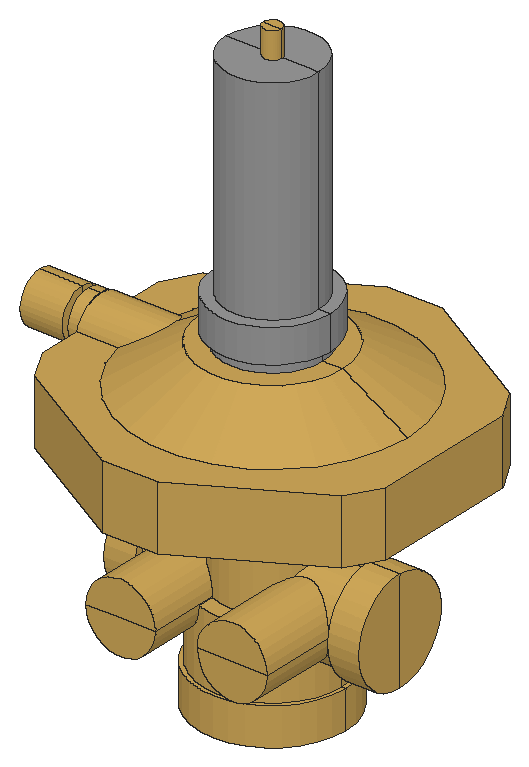
Revit family "Differenzdruckregler 4002 25-60kPa", category Rohrzubehör, Revit 2019
Family settings
  Bemaßung runder Anschluss = Durchmesser verwenden
  Teiletyp = Unterbricht
  OmniClass-Nummer = 23.65.55.14
  OmniClass-Titel = Valves for Liquid Services
  Arbeitsebenenbasiert = Nein
  Immer vertikal = Ja
  Beim Laden mit Abzugskörper schneiden = Nein
  Gemeinsam genutzt = Nein
Parameters (values of type "Ohne Dämmung")
  y2 [instance] = K14 + K9 + H01  # 45.649 mm
  y1 [instance] = (R03 * 2) + R05  # 66.000 mm
  PN = 16  # constant formula
  Min. Betriebstemperatur (Frostschutz) = -20 °C  # constant formula
  Max. zulässige Betriebstemperatur bis DN32 = 130 °C  # constant formula
  Max. zulässige Betriebstemperatur DN40 - DN50 = 110 °C  # constant formula
  Max. Differenzdruck am Gehäuse = 400000.0 Pa  # constant formula
  Max. Betriebsdruck = 1600000.0 Pa  # constant formula
  Ventilschaft = "Edelstahl 14301"  # constant formula
  VRL01 [instance] = 30.000 mm  # constant formula
  V12 = 17.000 mm  # constant formula
  V10 = 16.000 mm  # constant formula
  V09 [instance] = 11.000 mm  # constant formula
  V08 [instance] = G01 + 3.000 mm  # 16.220 mm
  V03 [instance] = G01 + 5.000 mm  # 18.220 mm
  V02 [instance] = V01 + 4.500 mm  # 12.000 mm
  V01 [instance] = Nennweite / 2  # 7.500 mm
  URL = "www.herz-armaturen.at"
  SCRNSEQ = "ARM;ARM_TYP=\"DIFR\";2"
  SCRNCODE = "05;03;4"  # constant formula
  S07 = 10.000 mm  # constant formula
  S05 [instance] = S01 - 1.000 mm  # 13.850 mm
  S04 [instance] = S02 - 1.000 mm  # 18.000 mm
  S03 [instance] = size_lookup("4002 25-60kPa", "S03", 26.500 mm, Nennweite)  # 25.600 mm
  S02 [instance] = size_lookup("4002 25-60kPa", "S02", 19.000 mm, Nennweite)  # 19.000 mm
  S01 [instance] = size_lookup("4002 25-60kPa", "S01", 14.850 mm, Nennweite)  # 14.850 mm
  Regleranschlussmutter = "Messing CW614N"  # constant formula
  Regelbereich = "25 - 60kPa"  # constant formula
  R06 [instance] = size_lookup("4002 25-60kPa", "R06", 14.500 mm, Nennweite)  # 14.500 mm
  R05 [instance] = size_lookup("4002 25-60kPa", "R05", 41.000 mm, Nennweite)  # 50.000 mm
  R04 [instance] = size_lookup("4002 25-60kPa", "R04", 12.500 mm, Nennweite)  # 12.500 mm
  R03 [instance] = size_lookup("4002 25-60kPa", "R03", 8.000 mm, Nennweite)  # 8.000 mm
  R02 = 14.500 mm  # constant formula
  R01 [instance] = size_lookup("4002 25-60kPa", "R01", 11.500 mm, Nennweite)  # 11.500 mm
  Min. Betriebstemperatur (reines Wasser) = 2 °C  # constant formula
  O-Ringe = "EPDM"  # constant formula
  Nennweite [instance] = 15.000 mm
  Membrangehäuse = "Messing CW602N"  # constant formula
  Membrane = "EPDM"  # constant formula
  Medium = "Wasserbeschaffenheit nach ÖNORM H 5195 und VDI 2035\r\nDie Verwendung von Ethylen- und Propylenglykol ist im\r\nMischungsverhältnis 25 - 50 Vol.-% zulässig."
  L07 [instance] = size_lookup("4002 25-60kPa", "L07", 28.500 mm, Nennweite)  # 33.000 mm
  L06 = 7.000 mm  # constant formula
  L [instance] = size_lookup("4002 25-60kPa", "L", 66.000 mm, Nennweite)  # 66.000 mm
  K9 = 4.000 mm  # constant formula
  K8 = 55.000 mm  # constant formula
  K7 = 8.700 mm  # constant formula
  K6 = 11.700 mm  # constant formula
  K5 = 13.000 mm  # constant formula
  K4 = 12.000 mm  # constant formula
  K3 = 15.000 mm  # constant formula
  K2 = 2.350 mm  # constant formula
  K18 = 89.000 mm  # constant formula
  K17 = 66.700 mm  # constant formula
  K16 = 3.000 mm  # constant formula
  K15 = 26.649 mm  # constant formula
  K14 = 16.649 mm  # constant formula
  K13 = 16.649 mm  # constant formula
  K12 = 10.000 mm  # constant formula
  K11 = 35.000 mm  # constant formula
  K10 = 18.250 mm  # constant formula
  K1.1 = 2.350 mm  # constant formula
  K1 = 7.651 mm - 1.000 mm  # 6.651 mm
  J9 = 15.700 mm  # constant formula
  J8 = 7.850 mm  # constant formula
  J7 = 15.897 mm  # constant formula
  J6 = 3.900 mm  # constant formula
  J5 = 6.500 mm  # constant formula
  J4 = 1.500 mm  # constant formula
  J3 = 3.200 mm  # constant formula
  J2 = 11.000 mm  # constant formula
  J11 = 3.500 mm  # constant formula
  J10 = 18.897 mm  # constant formula
  J1 = 6.500 mm  # constant formula
  Hersteller = "HERZ-Armaturen Ges.m.b.H"  # constant formula
  H2 [instance] = size_lookup("4002 25-60kPa", "H2", 28.000 mm, Nennweite)  # 28.000 mm
  H1 [instance] = K1 + K2 + K3 + K4 + K5 + K7 + K8 + K16 + 16.650 mm  # 132.351 mm
  H04 = 4.000 mm  # constant formula
  H03 = 9.800 mm  # constant formula
  H02 [instance] = size_lookup("4002 25-60kPa", "H02", 53.000 mm, Nennweite)  # 53.000 mm
  H01 [instance] = size_lookup("4002 25-60kPa", "H01", 25.000 mm, Nennweite)  # 25.000 mm
  Gehäuse = "DZR Messing CC770S"  # constant formula
  G01 [instance] = size_lookup("4002 25-60kPa", "G01", 13.220 mm, Nennweite)  # 13.220 mm
  Einstellspindel = "Messing CW614N"  # constant formula
  Hinweise zum Material = "Gemäß Art 33 der REACH-Verordnung (EG Nr. 1907/2006) sind wir verpflichtet, darauf hinzuweisen,\r\ndass der Stoff Blei auf der SVHC-Liste geführt wird und dass alle aus Messing bestehenden Bauteile,\r\ndie in unseren Erzeugnissen verarbeitet sind, mehr als 0,1 % (w/w) Blei (CAS: 7439-92-1 / EINECS:\r\n231-100-4) enthalten. Da Blei als Legierungsbestandteil fest gebunden ist, sind keine Expositionen zu\r\nerwarten und daher sind keine zusätzlichen Angaben zur sicheren Verwendung notwendig.\r\n\r\nIm Hanf enthaltenes Ammoniak schädigt\r\nMessingventilgehäuse, EPDM Dichtungen werden durch\r\nMineralöle bzw. mineralölhaltige Schmierstoffe aufgequollen\r\nund führen somit zum Ausfall der EPDM-Dichtungen. Für\r\nFrost- und Korrosionsschutzmittel auf der Basis von Ethylen- und Propylenglykol sind die entsprechenden\r\nAngaben den Unterlagen des Herstellers zu entnehmen."
  Dämmung = no
  Dämmschale = "EPP (expandiertes Polypropylen)"  # constant formula
  Druckfeder = "Federstahl 14310 NS"  # constant formula
  DN50 [instance] = Nennweite = 50.000 mm  # no
  DN40 [instance] = Nennweite = 40.000 mm  # no
  DN32-40 [instance] = or(Nennweite = 32.000 mm, Nennweite = 40.000 mm)  # no
  DN32 [instance] = Nennweite = 32.000 mm  # no
  DN25 [instance] = Nennweite = 25.000 mm  # no
  DN20 [instance] = Nennweite = 20.000 mm  # no
  DN15-25 [instance] = or(Nennweite = 15.000 mm, Nennweite = 20.000 mm, Nennweite = 25.000 mm)  # yes
  DN15,20,25,32,50 [instance] = or(Nennweite = 15.000 mm, Nennweite = 20.000 mm, Nennweite = 25.000 mm, Nennweite = 32.000 mm, Nennweite = 50.000 mm)  # yes
  DN15 [instance] = Nennweite = 15.000 mm  # yes
  D07 [instance] = if(Nennweite = 15.000 mm, 32.000 mm, if(Nennweite = 20.000 mm, 33.000 mm, if(Nennweite = 25.000 mm, 33.000 mm, if(Nennweite = 32.000 mm, 49.000 mm, if(Nennweite = 40.000 mm, 57.560 mm, if(Nennweite = 50.000 mm, 57.560 mm, 0.000 mm))))))  # 32.000 mm
  D06 [instance] = if(Nennweite = 15.000 mm, 32.000 mm, if(Nennweite = 20.000 mm, 33.000 mm, if(Nennweite = 25.000 mm, 33.000 mm, if(Nennweite = 32.000 mm, 49.000 mm, if(Nennweite = 40.000 mm, 57.560 mm, if(Nennweite = 50.000 mm, 57.560 mm, 0.000 mm))))))  # 32.000 mm
  D05 [instance] = if(Nennweite = 15.000 mm, 36.750 mm, if(Nennweite = 20.000 mm, 40.700 mm, if(Nennweite = 25.000 mm, 49.200 mm, if(Nennweite = 32.000 mm, 54.150 mm, if(Nennweite = 40.000 mm, 60.750 mm, if(Nennweite = 50.000 mm, 72.700 mm, 0.000 mm))))))  # 36.750 mm
  D04 [instance] = if(Nennweite = 15.000 mm, 78.500 mm, if(Nennweite = 20.000 mm, 82.000 mm, if(Nennweite = 25.000 mm, 84.000 mm, if(Nennweite = 32.000 mm, 120.000 mm, if(Nennweite = 40.000 mm, 130.000 mm, if(Nennweite = 50.000 mm, 130.500 mm, 0.000 mm))))))  # 78.500 mm
  D03 [instance] = if(Nennweite = 15.000 mm, 96.000 mm, if(Nennweite = 20.000 mm, 110.000 mm, if(Nennweite = 25.000 mm, 112.000 mm, if(Nennweite = 32.000 mm, 152.000 mm, if(Nennweite = 40.000 mm, 170.000 mm, if(Nennweite = 50.000 mm, 179.000 mm, 0.000 mm))))))  # 96.000 mm
  D02 [instance] = size_lookup("4002 25-60kPa", "R05", 41.000 mm, Nennweite)  # 50.000 mm
  D01 [instance] = size_lookup("4002 25-60kPa", "G01", 13.220 mm, Nennweite)  # 13.220 mm
  Bestellnummer Dämmung [instance] = if(and(Dämmung, Nennweite = 15.000 mm), 1409611, if(and(Dämmung, Nennweite = 20.000 mm), 1409612, if(and(Dämmung, Nennweite = 25.000 mm), 1409613, if(and(Dämmung, Nennweite = 32.000 mm), 1409614, if(and(Dämmung, Nennweite = 40.000 mm), 1409615, if(and(Dämmung, Nennweite = 50.000 mm), 1409616, 0))))))  # 0
  Bestellnummer [instance] = size_lookup("4002 25-60kPa", "Artnr", 0, Nennweite)  # 1400261
  B2 [instance] = size_lookup("4002 25-60kPa", "B2", 31.000 mm, Nennweite)  # 31.000 mm
  B1 [instance] = size_lookup("4002 25-60kPa", "B1", 26.000 mm, Nennweite)  # 26.000 mm
  B04 = 100.649 mm  # constant formula
  B03 = 44.500 mm  # constant formula
  B02 = 104.688 mm  # constant formula
  B01 = 10.000 mm  # constant formula
  Anzeigehülse = "Kunststoff (Rot)"  # constant formula
  Anwendungsgebiet = "Der Differenzdruckregler ist ein Regler mit linearer Kennlinie in Geradsitzausführung und arbeitet ohne\r\nHilfsenergie. Der gewünschte Differenzdruck-Sollwert kann zwischen 5 und 30 kPa; 25 und 60 kPa bzw.\r\n45 und 80 kPa stufenlos eingestellt werden. Der eingestellte Wert ist mit Hilfe des Einstelldiagrammes\r\nablesbar. Werksseitig ist der Sollwert auf Minimum eingestellt. Der erforderliche Sollwert wird mit dem\r\nEinstellwerkzeug (1 4006 02) eingestellt. Im Lieferumfang enthalten ist die Impulsleitung (1000 mm),\r\ndiese ist im Vorlauf einzubinden."
  Anschlussnippel = "Messing CW602N"  # constant formula
Types (2, lengths in mm): name | y2 | y1 | V08 | V03 | V02 | V01 | S03 | R05 | R04 | R03 | R01 | Nennweite | L07 | L | H2 | H02 | H01 | G01 | Dämmung | DN25 | DN15 | D07 | D06 | D05 | D04 | D03 | D02 | D01 | Bestellnummer Dämmung | Bestellnummer | B2 | B1
  Ohne Dämmung | 45.649 | 66.000 | 16.220 | 18.220 | 12.000 | 7.500 | 25.600 | 50.000 | 12.500 | 8.000 | 11.500 | 15.000 | 33.000 | 66.000 | 28.000 | 53.000 | 25.000 | 13.220 | no | no | yes | 32.000 | 32.000 | 36.750 | 78.500 | 96.000 | 50.000 | 13.220 | 0 | 1400261 | 31.000 | 26.000
  Mit Dämmung | 46.649 | 76.000 | 23.600 | 25.600 | 17.000 | 12.500 | 29.000 | 58.200 | 14.500 | 8.900 | 14.800 | 25.000 | 38.000 | 76.000 | 29.000 | 54.500 | 26.000 | 20.600 | yes | yes | no | 33.000 | 33.000 | 49.200 | 84.000 | 112.000 | 58.200 | 20.600 | 1409613 | 1400263 | 33.000 | 28.000
Reference planes
  plane 1 "Mitte (Vorne/hinten)": y = 0
  plane 2: z = 0
  plane 3 "Mitte (Links/rechts)": x = 0
Forms (mm)
  Revolve 1, solid, material "Messing, weicher Gelbton, geschweißt", detail levels fine
    sketch origin (0, 0, 0) x (1, 0, 0) y (0, 0, 1)
      loop
        line (-33, 0) -> (33, 0) -> (33, 13.22) -> (25, 13.22) -> (25, 11.5) -> (-25, 11.5) -> (-25, 13.22) -> (-33, 13.22) -> (-33, 0)
      axis (-33, 0) -> (33, 0)
    angle from 0 to 360
  Revolve 2, solid, material "Messing, weicher Gelbton, geschweißt", detail levels fine
    sketch origin (0, 0, 0) x (1, 0, 0) y (0, 0, 1)
      loop
        line (0, -28) -> (0, 0) -> (-18, 0) -> (-18, -18.2) -> (-19, -18.2) -> (-19, -28) -> (0, -28)
      axis (0, 0) -> (0, -28)
    angle from 0 to 360
  Extrusion 3, solid, material "Messing, weicher Gelbton, geschweißt", detail levels fine
    sketch origin (0, 0, 0) x (0, -1, 0) y (1, 0, 0)
      loop
        line (-46, -7.038) -> (-27.114, -39.75) -> (-18.886, -44.5) -> (18.886, -44.5) -> (27.114, -39.75) -> (46, -7.038) -> (46, 7.038) -> (27.114, 39.75) -> (18.886, 44.5) -> (-18.886, 44.5) -> (-27.114, 39.75) -> (-46, 7.038) -> (-46, -7.038)
    from 29 to 45.649
  Revolve 4, solid, material "Messing, weicher Gelbton, geschweißt", detail levels fine
    sketch origin (0, 0, -7.051) x (1, 0, 0) y (0, 0, 1)
      loop
        line (0, 52.7) -> (0, 62.7) -> (-18.25, 62.7) -> (-35, 52.7) -> (0, 52.7)
      axis (0, 62.7) -> (0, 52.7)
    angle from 0 to 360
  Revolve 5, solid, material "Messing, weicher Gelbton, geschweißt", visible <- "DN15-25", detail levels fine
    sketch origin (-11, 0, 0) x (1, 0, 0) y (0, 1, 0)
      loop
        line (-1.5, 26) -> (-9.2, 26) -> (-9.2, 0) -> (-1.5, 0) -> (-1.5, 26)
      axis (-1.5, 0) -> (-1.5, 26)
    angle from 0 to 360
  Revolve 6, solid, material "Messing, weicher Gelbton, geschweißt", visible <- "DN15,20,25,32,50", detail levels fine
    sketch origin (-0.988, 0, -6.853) x (-1, 0, 0) y (0, 0, 1)
      loop
        line (43.5, 51.75) -> (59.2, 51.75) -> (59.2, 58.25) -> (48.2, 58.25) -> (48.2, 55.65) -> (46.7, 55.65) -> (46.7, 58.25) -> (43.5, 58.25) -> (43.5, 51.75)
      axis (43.5, 51.75) -> (59.2, 51.75)
    angle from 0 to 360
  Extrusion 7, solid, material "Messing, weicher Gelbton, geschweißt", visible <- "DN15,20,25,32,50", detail levels fine
    sketch origin (0, 0, 0) x (0, 1, 0) y (0, 0, -1)
      loop
        line (7.85, -43.547) -> (7.85, -32.5) -> (-7.85, -32.5) -> (-7.85, -43.547)
        arc (-7.85, -43.547) -> (0, -51.397) -> (7.85, -43.547) r 7.85
    from 0 to 44.5
  Revolve 8, solid, material "Kunststoff rot", detail levels fine
    sketch origin (0, 0, 0) x (1, 0, 0) y (0, 0, 1)
      loop
        line (-12, 122.349) -> (-12, 67.349) -> (-15, 67.349) -> (-15, 58.649) -> (-13, 58.649) -> (-13, 55.649) -> (0, 55.649) -> (0, 122.349) -> (-12, 122.349)
      axis (0, 122.349) -> (0, 55.649)
    angle from 0 to 360
  Revolve 9, solid, material "Messing, weicher Gelbton, geschweißt", visible <- "DN15-25", detail levels fine
    sketch origin (-2, 0, 0) x (1, 0, 0) y (0, 1, 0)
      loop
        line (-12.5, 0) -> (-21.5, 0) -> (-21.5, -31) -> (-12.5, -31) -> (-12.5, 0)
      axis (-12.5, 0) -> (-12.5, -31)
    angle from 0 to 360
  Revolve 10, solid, material "Messing, weicher Gelbton, geschweißt", visible <- "DN15-25", detail levels fine
    sketch origin (2, 0, 0) x (1, 0, 0) y (0, 1, 0)
      loop
        line (12.5, 0) -> (12.5, -31) -> (21.6, -31) -> (21.6, 0) -> (12.5, 0)
      axis (12.5, 0) -> (12.5, -31)
    angle from 0 to 360
  Extrusion 11, solid, material "Messing, weicher Gelbton, geschweißt", visible <- "DN32", detail levels fine
    sketch origin (-31.5, 0, 0) x (1, 0, 0) y (0, 1, 0)
      loop
        circle (63, 0) r 6.578
      loop
        circle (63, 0) r 3.28
    from -47 to 0
  Extrusion 12, solid, material "Messing, weicher Gelbton, geschweißt", visible <- "DN32", detail levels fine
    sketch origin (31.5, 0, 0) x (-1, 0, 0) y (0, -1, 0)
      loop
        circle (63, 0) r 6.578
      loop
        circle (63, 0) r 3.28
    from -47 to 0
  Revolve 13, solid, material "Messing, weicher Gelbton, geschweißt", detail levels fine
    sketch origin (0, 0, 0) x (1, 0, 0) y (0, 0, 1)
      loop
        line (-13.85, 0) -> (0, 0) -> (0, 29) -> (-9.85, 29) -> (-9.85, 25) -> (-14.85, 25) -> (-14.85, 15.2) -> (-13.85, 15.2) -> (-13.85, 0)
      axis (0, 29) -> (0, 0)
    angle from 0 to 360
  Extrusion 14, solid, material "Messing, weicher Gelbton, geschweißt", visible <- "DN40", detail levels fine
    sketch origin (29.382, 0, 0) x (-1, 0, 0) y (0, -1, 0)
      loop
        circle (63, 0) r 6.578
      loop
        circle (63, 0) r 3.28
    from -58 to 0
  Extrusion 15, solid, material "Messing, weicher Gelbton, geschweißt", visible <- "DN40", detail levels fine
    sketch origin (-29.455, 0, 0) x (1, 0, 0) y (0, 1, 0)
      loop
        circle (63, 0) r 6.578
      loop
        circle (63, 0) r 3.28
    from -58 to 0
  Extrusion 16, solid, material "Messing, weicher Gelbton, geschweißt", visible <- "DN50", detail levels fine
    sketch origin (28.422, 0, 0) x (-1, 0, 0) y (0, -1, 0)
      loop
        circle (63, 0) r 6.578
      loop
        circle (63, 0) r 3.28
    from -58 to 0
  Extrusion 17, solid, material "Messing, weicher Gelbton, geschweißt", visible <- "DN50", detail levels fine
    sketch origin (-28.422, 0, 0) x (1, 0, 0) y (0, 1, 0)
      loop
        circle (63, 0) r 6.578
      loop
        circle (63, 0) r 3.28
    from -58 to 0
  Revolve 18, solid, material "Messing, weicher Gelbton, geschweißt", detail levels fine
    sketch origin (0, 0, 10) x (1, 0, 0) y (0, 0, 1)
      loop
        line (-2.35, 111.349) -> (0, 111.349) -> (0, 119) -> (-2.35, 119) -> (-2.35, 111.349)
      axis (0, 119) -> (0, 111.349)
    angle from 0 to 360
  Revolve 19, solid, material "Messing, weicher Gelbton, geschweißt", visible <- "DN32-40", detail levels fine
    sketch origin (-11, 0, 0) x (1, 0, 0) y (0, 1, 0)
      loop
        line (-1.5, -26) -> (-1.5, 0) -> (-9.2, 0) -> (-9.2, -26) -> (-1.5, -26)
      axis (-1.5, 0) -> (-1.5, -26)
    angle from 0 to 360
  Extrusion 20, solid, material "Messing, weicher Gelbton, geschweißt", visible <- "DN40", detail levels fine
    sketch origin (0, 0, 0) x (0, 1, 0) y (0, 0, 1)
      loop
        arc (7.85, 74.047) -> (0, 81.897) -> (-7.85, 74.047) r 7.85
        line (-7.85, 74.047) -> (-7.85, 63) -> (7.85, 63) -> (7.85, 74.047)
    from 0 to 44.5
  Revolve 21, solid, material "Messing, weicher Gelbton, geschweißt", visible <- "DN40", detail levels fine
    sketch origin (0.988, 0, -6.853) x (1, 0, 0) y (0, 0, 1)
      loop
        line (43.5, 82.25) -> (59.2, 82.25) -> (59.2, 88.75) -> (48.2, 88.75) -> (48.2, 86.15) -> (46.7, 86.15) -> (46.7, 88.75) -> (43.5, 88.75) -> (43.5, 82.25)
      axis (43.5, 82.25) -> (59.2, 82.25)
    angle from 0 to 360
  Revolve 22, solid, material "Messing, weicher Gelbton, geschweißt", not visible, detail levels fine
    sketch origin (12.3, 0, 0) x (-1, 0, 0) y (0, 0, 1)
      loop
        line (45.3, 0) -> (75.3, 0) -> (75.3, 7.5) -> (58.3, 7.5) -> (58.3, 12) -> (49.3, 12) -> (49.3, 18.22) -> (42.3, 18.22) -> (42.3, 16.22) -> (37.3, 16.22) -> (37.3, 13.22) -> (45.3, 13.22) -> (45.3, 0)
      axis (37.3, 0) -> (75.3, 0)
    angle from 0 to 360
  Revolve 23, solid, material "Messing, weicher Gelbton, geschweißt", not visible, detail levels fine
    sketch origin (-12.3, 0, 0) x (1, 0, 0) y (0, 0, 1)
      loop
        line (45.3, 0) -> (75.3, 0) -> (75.3, 7.5) -> (58.3, 7.5) -> (58.3, 12) -> (49.3, 12) -> (49.3, 18.22) -> (42.3, 18.22) -> (42.3, 16.22) -> (37.3, 16.22) -> (37.3, 13.22) -> (45.3, 13.22) -> (45.3, 0)
      axis (37.3, 0) -> (75.3, 0)
    angle from 0 to 360
  Revolve 24, solid, material "Kunststoff-Anthrazit/Schwarz", visible <- "Dämmung", detail levels fine
    sketch origin (0, 0, 0) x (1, 0, 0) y (0, 0, 1)
      loop
        line (48, 32) -> (-48, 32) -> (-48, 13.22) -> (-25, 13.22) -> (-25, 0) -> (25, 0) -> (25, 13.22) -> (48, 13.22) -> (48, 32)
      axis (-48, 0) -> (48, 0)
    angle from 0 to 360
  Revolve 25, solid, material "Kunststoff-Anthrazit/Schwarz", visible <- "Dämmung", detail levels fine
    sketch origin (0, 0, 0) x (1, 0, 0) y (0, 0, 1)
      loop
        line (0, -46.5) -> (36.75, -46.5) -> (36.75, 32) -> (0, 32) -> (0, -46.5)
      axis (0, 32) -> (0, -46.5)
    angle from 0 to 360
  Extrusion 26, void
    sketch origin (-473.525, -85, 0) x (1, 0, 0) y (0, 1, 0)
      loop
        line (328.595, -39.754) -> (603.525, -39.754) -> (603.525, 170) -> (328.595, 170) -> (328.595, -39.754)
    from 29 to 45.649
  Extrusion 27, void
    sketch origin (-329.879, -55, 0) x (1, 0, 0) y (0, 1, 0)
      loop
        line (182.147, -28.807) -> (489.879, -28.807) -> (489.879, 155) -> (182.147, 155) -> (182.147, -28.807)
    from 29 to 45.649
Cuts and joins
  Extrusion 26 cuts Revolve 24
  Extrusion 27 cuts Revolve 25
Lines and regions (mm)
  model lines, detail levels coarse+medium
    curve 1: line (33, -13.22, 0) -> (33, 13.22, 0)
    curve 2: line (33, 13.22, 0) -> (-33, -13.22, 0)
    curve 3: line (-33, -13.22, 0) -> (-33, 13.22, 0)
    curve 4: line (-33, 13.22, 0) -> (33, -13.22, 0)
    curve 5: line (0, -15, 0) -> (0, -29, 0)
    curve 6: spline (-44.5, -37.324, 0) -> (-42.984, -35.17, 0) -> (-38.538, -33.162, 0) -> (-31.466, -31.438, 0) -> (-22.25, -30.115, 0) -> (-11.517, -29.284, 0) -> (0, -29, 0) -> (11.517, -29.284, 0) -> (22.25, -30.115, 0) -> (31.466, -31.438, 0) -> (38.538, -33.162, 0) -> (42.984, -35.17, 0) -> (44.5, -37.325, 0) -> (42.984, -39.479, 0) -> (38.538, -41.487, 0) -> (31.466, -43.211, 0) -> (22.25, -44.534, 0) -> (11.517, -45.365, 0) -> (0, -45.649, 0) -> (-11.517, -45.365, 0) -> (-22.25, -44.534, 0) -> (-31.466, -43.211, 0) -> (-38.538, -41.487, 0) -> (-42.984, -39.479, 0) -> (-44.5, -37.324, 0)
    curve 7: line (-33, 0, 13.22) -> (-33, 0, -13.22)
    curve 8: line (-33, 0, -13.22) -> (33, 0, 13.22)
    curve 9: line (33, 0, 13.22) -> (33, 0, -13.22)
    curve 10: line (33, 0, -13.22) -> (-33, 0, 13.22)
    curve 11: line (0, 0, 13.22) -> (0, 0, 29)
    curve 12: spline (-44.5, 0, 37.325) -> (-42.984, 0, 39.479) -> (-38.538, 0, 41.487) -> (-31.466, 0, 43.211) -> (-22.25, 0, 44.534) -> (-11.517, 0, 45.365) -> (0, 0, 45.649) -> (11.517, 0, 45.365) -> (22.25, 0, 44.534) -> (31.466, 0, 43.211) -> (38.538, 0, 41.487) -> (42.984, 0, 39.479) -> (44.5, 0, 37.324) -> (42.984, 0, 35.17) -> (38.538, 0, 33.162) -> (31.466, 0, 31.438) -> (22.25, 0, 30.115) -> (11.517, 0, 29.284) -> (0, 0, 29) -> (-11.517, 0, 29.284) -> (-22.25, 0, 30.115) -> (-31.466, 0, 31.438) -> (-38.538, 0, 33.162) -> (-42.984, 0, 35.17) -> (-44.5, 0, 37.325)
    curve 13: line (0, 0, 13.22) -> (16.5, 0, 6.61)
    curve 14: line (0, 0, 13.22) -> (-16.5, 0, 6.61)
    curve 15: line (33, 0, 0) -> (63, 0, 0)
    curve 16: line (-33, 0, 0) -> (-63, 0, 0)
    curve 17: line (0, -15, 0) -> (-22.716, -9.1, 0)
    curve 18: line (0, -15, 0) -> (22.716, -9.1, 0)
    curve 19: line (33, 0, 13.22) -> (33, 0, -13.22)
    curve 20: line (33, 0, 13.22) -> (43, 0, 13.22)
    curve 21: line (43, 0, 13.22) -> (33, 0, 0)
    curve 22: line (43, 0, -13.22) -> (33, 0, 0)
    curve 23: line (33, 0, -13.22) -> (43, 0, -13.22)
    curve 24: line (-33, 0, 13.22) -> (-33, 0, -13.22)
    curve 25: line (-33, 0, 13.22) -> (-43, 0, 13.22)
    curve 26: line (-43, 0, 13.22) -> (-33, 0, 0)
    curve 27: line (-43, 0, -13.22) -> (-33, 0, 0)
    curve 28: line (-33, 0, -13.22) -> (-43, 0, -13.22)
    curve 29: line (-33, 13.22, 0) -> (-43, 13.22, 0)
    curve 30: line (-43, 13.22, 0) -> (-33, 0, 0)
    curve 31: line (-33, -13.22, 0) -> (-43, -13.22, 0)
    curve 32: line (-43, -13.22, 0) -> (-33, 0, 0)
    curve 33: line (33, -13.22, 0) -> (33, 13.22, 0)
    curve 34: line (33, 13.22, 0) -> (43, 13.22, 0)
    curve 35: line (43, 13.22, 0) -> (33, 0, 0)
    curve 36: line (33, -13.22, 0) -> (43, -13.22, 0)
    curve 37: line (43, -13.22, 0) -> (33, 0, 0)
Dimensions and locks
  "G01": Revolve 1 sketch curve to Revolve 1 sketch curve  (x2)
  "R01": Revolve 1 sketch curve to Revolve 1 sketch curve
  "R03": Revolve 1 sketch curve to Revolve 1 sketch curve  (x2)
  "K10": Revolve 4 sketch curve to Revolve 4 sketch curve
  "K11": Revolve 4 sketch curve to Revolve 4 sketch curve
  "B1": Revolve 5 sketch curve to Revolve 5 sketch curve
  "J1": Revolve 6 sketch curve to Revolve 6 sketch curve
  "J3": Revolve 6 sketch curve to Revolve 6 sketch curve
  "J4": Revolve 6 sketch curve to Revolve 6 sketch curve
  "J2": Revolve 6 sketch curve to Revolve 6 sketch curve
  "J5": Revolve 6 sketch curve to Revolve 6 sketch curve
  "J6": Revolve 6 sketch curve to Revolve 6 sketch curve
  "H2": plane 2 to Revolve 2 sketch curve
  "H03": Revolve 2 sketch curve to Revolve 2 sketch curve
  "S02": plane 3 "Mitte (Links/rechts)" to Revolve 2 sketch curve
  "B02": Revolve 6 to Extrusion 3
  "B03": Extrusion 3 to plane 3 "Mitte (Links/rechts)"
  "R04": Revolve 5 sketch curve to plane 3 "Mitte (Links/rechts)"
  "K4": Revolve 8 sketch curve to Revolve 8 sketch curve
  "K3": Revolve 8 sketch curve to Revolve 8 sketch curve
  "K7": Revolve 8 sketch curve to Revolve 8 sketch curve
  "K5": Revolve 8 sketch curve to Revolve 8 sketch curve
  "K8": Revolve 8 sketch curve to Revolve 8 sketch curve
  "K12": Revolve 4 sketch curve to Revolve 4 sketch curve
  "K13": Revolve 4 sketch curve to Extrusion 3
  "K14": Extrusion 3 to Extrusion 3
  "K16": Revolve 8 sketch curve to Revolve 8 sketch curve
  "K15": Revolve 8 to Extrusion 3
  "R05": Revolve 1 sketch curve to Revolve 1 sketch curve
  plane 3 "Mitte (Links/rechts)" to Revolve 1 sketch curve = 33.000 mm
  Revolve 1 sketch curve to plane 3 "Mitte (Links/rechts)" = 33.000 mm
  equal spacing: Revolve 1 sketch curve, plane 3 "Mitte (Links/rechts)", Revolve 1 sketch curve
  "B2": plane 1 "Mitte (Vorne/hinten)" to Revolve 9 sketch curve
  "B2": Revolve 10 sketch curve to plane 1 "Mitte (Vorne/hinten)"
  "R06": Revolve 9 sketch curve to plane 3 "Mitte (Links/rechts)"
  "R06": plane 3 "Mitte (Links/rechts)" to Revolve 10 sketch curve
  "S01": Revolve 13 sketch curve to plane 3 "Mitte (Links/rechts)"
  "S05": plane 3 "Mitte (Links/rechts)" to Revolve 13 sketch curve
  "H04": Revolve 13 sketch curve to Revolve 13 sketch curve
  "H03": Revolve 13 sketch curve to Revolve 13 sketch curve
  "H01": Revolve 13 sketch curve to plane 2
  "K9": Extrusion 3 to Revolve 13
  Revolve 2 sketch curve to Revolve 2 sketch curve = 1.000 mm
  "J7": Revolve 6 sketch curve to Extrusion 3
  "J9": Extrusion 7 sketch curve to Extrusion 7 sketch curve
  "J10": Revolve 6 to Extrusion 7 sketch curve
  "J11": Extrusion 7 sketch curve to Extrusion 3
  equal spacing: curve 7, curve 6, curve 9
  "K18": Extrusion 3 to Extrusion 3
  equal spacing: curve 7, curve 14, curve 14
  equal spacing: curve 14, curve 13, curve 9
  "G01": curve 10 to plane 2
  "G01": plane 2 to curve 8
  "G01": curve 9 to plane 2
  "G01": plane 2 to curve 10
  "K18": curve 12 to curve 12
  "y1": curve 7 to curve 9
  "G01": curve 14 to plane 2
  "K14": curve 12 to curve 12
  "y2": curve 12 to plane 2
  "G01": plane 1 "Mitte (Vorne/hinten)" to curve 4
  "G01": curve 3 to plane 1 "Mitte (Vorne/hinten)"
  equal spacing: curve 3, curve 12, curve 1
  equal spacing: curve 3, curve 18, curve 1
  "y1": curve 3 to curve 1
  "G01": plane 1 "Mitte (Vorne/hinten)" to curve 2
  "G01": curve 4 to plane 1 "Mitte (Vorne/hinten)"
  "K18": curve 6 to curve 6
  "K14": curve 6 to curve 6
  "y2": curve 6 to plane 1 "Mitte (Vorne/hinten)"
  "K1": Revolve 18 sketch curve to Revolve 8
  "K1.1": plane 3 "Mitte (Links/rechts)" to Revolve 18 sketch curve
  "B1": Revolve 19 sketch curve to Revolve 19 sketch curve
  "R04": Revolve 19 sketch curve to plane 3 "Mitte (Links/rechts)"
  Revolve 18 to Revolve 2 = 157.000 mm
  "J9": Extrusion 20 sketch curve to Extrusion 20 sketch curve
  "J1": Revolve 21 sketch curve to Revolve 21 sketch curve
  "J3": Revolve 21 sketch curve to Revolve 21 sketch curve
  "J4": Revolve 21 sketch curve to Revolve 21 sketch curve
  "J2": Revolve 21 sketch curve to Revolve 21 sketch curve
  "J5": Revolve 21 sketch curve to Revolve 21 sketch curve
  "J6": Revolve 21 sketch curve to Revolve 21 sketch curve
  "R03": Revolve 22 sketch curve to Revolve 22 sketch curve
  "V10": Revolve 22 sketch curve to Revolve 22 sketch curve
  "V12": Revolve 22 sketch curve to Revolve 22 sketch curve
  "VRL01": Revolve 22 sketch curve to Revolve 22 sketch curve
  "V02": Revolve 22 sketch curve to plane 2
  "V01": Revolve 22 sketch curve to plane 2
  "G01": Revolve 22 sketch curve to plane 2
  "V08": Revolve 22 sketch curve to plane 2
  "V03": Revolve 22 sketch curve to plane 2
  "R03": Revolve 23 sketch curve to Revolve 23 sketch curve
  "V10": Revolve 23 sketch curve to Revolve 23 sketch curve
  "V12": Revolve 23 sketch curve to Revolve 23 sketch curve
  "VRL01": Revolve 23 sketch curve to Revolve 23 sketch curve
  "V01": Revolve 23 sketch curve to plane 2
  "V02": Revolve 23 sketch curve to plane 2
  "G01": Revolve 23 sketch curve to plane 2
  "V08": Revolve 23 sketch curve to plane 2
  "V03": Revolve 23 sketch curve to plane 2
  "L07": Revolve 22 to plane 3 "Mitte (Links/rechts)"
  "L07": plane 3 "Mitte (Links/rechts)" to Revolve 23
  "S07": curve 28 to Revolve 22
  "S07": curve 26 to Revolve 22
  "S07": Revolve 23 to curve 21
  "S07": Revolve 23 to curve 23
  "G01": plane 2 to curve 28
  "G01": curve 25 to plane 2
  "G01": curve 20 to plane 2
  "G01": plane 2 to curve 23
  "S07": curve 30 to curve 3
  "S07": curve 32 to curve 3
  "S07": curve 33 to curve 35
  "S07": curve 33 to curve 37
  "D01": Revolve 24 sketch curve to plane 2  (x2)
  "D03": Revolve 24 sketch curve to Revolve 24 sketch curve
  "D02": Revolve 24 sketch curve to Revolve 24 sketch curve
  equal spacing: Revolve 24 sketch curve, plane 3 "Mitte (Links/rechts)", Revolve 24 sketch curve  (x2)
  "D05": Revolve 25 sketch curve to Revolve 25 sketch curve
  "D04": Revolve 25 sketch curve to Revolve 25 sketch curve
  "D06": Revolve 25 sketch curve to plane 2
  Revolve 9 to plane 1 "Mitte (Vorne/hinten)" = 31.000 mm
  "D07": Revolve 24 sketch curve to plane 2
  "K14": Extrusion 26 to Extrusion 26
  "K14": Extrusion 26 to Extrusion 3
  "K14": Extrusion 27 to Extrusion 27
  "K14": Extrusion 27 to Extrusion 3
  "J8": radius of Extrusion 7 sketch curve
  "J8": radius of Extrusion 20 sketch curve
  aligned and locked: level to plane 2
Automatic sketch dimensions
  plane 3 "Mitte (Links/rechts)" to Extrusion 3 sketch curve = 7.038 mm  (x2)
  Extrusion 3 sketch curve to plane 1 "Mitte (Vorne/hinten)" = 46.000 mm
  Extrusion 3 sketch curve to plane 1 "Mitte (Vorne/hinten)" = 27.114 mm  (x2)
  Extrusion 3 sketch curve to Extrusion 3 sketch curve = 8.227 mm  (x4)
  plane 1 "Mitte (Vorne/hinten)" to Extrusion 3 sketch curve = 18.886 mm  (x2)
  Extrusion 3 sketch curve to Extrusion 3 sketch curve = 18.886 mm
  Extrusion 3 sketch curve to plane 3 "Mitte (Links/rechts)" = 7.038 mm  (x2)
  Extrusion 3 sketch curve to Extrusion 3 sketch curve = 32.712 mm  (x4)
  Extrusion 3 sketch curve to Extrusion 3 sketch curve = 4.750 mm  (x2)
  Extrusion 11 sketch curve to Extrusion 11 sketch curve = 0.000 mm  (x2)
  plane 1 "Mitte (Vorne/hinten)" to Extrusion 11 sketch curve = 0.000 mm
  plane 3 "Mitte (Links/rechts)" to Extrusion 11 sketch curve = 31.500 mm
  Extrusion 12 sketch curve to Extrusion 12 sketch curve = 0.000 mm  (x2)
  plane 1 "Mitte (Vorne/hinten)" to Extrusion 12 sketch curve = 0.000 mm
  plane 3 "Mitte (Links/rechts)" to Extrusion 12 sketch curve = 31.500 mm
  Extrusion 14 sketch curve to Extrusion 14 sketch curve = 0.000 mm  (x2)
  plane 1 "Mitte (Vorne/hinten)" to Extrusion 14 sketch curve = 0.000 mm
  plane 3 "Mitte (Links/rechts)" to Extrusion 14 sketch curve = 33.618 mm
  Extrusion 15 sketch curve to Extrusion 15 sketch curve = 0.000 mm  (x2)
  plane 1 "Mitte (Vorne/hinten)" to Extrusion 15 sketch curve = 0.000 mm
  plane 3 "Mitte (Links/rechts)" to Extrusion 15 sketch curve = 33.545 mm
  Extrusion 16 sketch curve to Extrusion 16 sketch curve = 0.000 mm  (x2)
  plane 1 "Mitte (Vorne/hinten)" to Extrusion 16 sketch curve = 0.000 mm
  plane 3 "Mitte (Links/rechts)" to Extrusion 16 sketch curve = 34.578 mm
  Extrusion 17 sketch curve to Extrusion 17 sketch curve = 0.000 mm  (x2)
  plane 1 "Mitte (Vorne/hinten)" to Extrusion 17 sketch curve = 0.000 mm
  plane 3 "Mitte (Links/rechts)" to Extrusion 17 sketch curve = 34.578 mm
  plane 1 "Mitte (Vorne/hinten)" to Extrusion 26 sketch curve = 124.754 mm
  Extrusion 26 sketch curve to plane 1 "Mitte (Vorne/hinten)" = 85.000 mm
  Extrusion 26 sketch curve to plane 3 "Mitte (Links/rechts)" = 144.930 mm
  Extrusion 26 sketch curve to Extrusion 26 sketch curve = 274.930 mm
  plane 1 "Mitte (Vorne/hinten)" to Extrusion 27 sketch curve = 83.807 mm
  Extrusion 27 sketch curve to plane 1 "Mitte (Vorne/hinten)" = 100.000 mm
  Extrusion 27 sketch curve to plane 3 "Mitte (Links/rechts)" = 147.731 mm
  Extrusion 27 sketch curve to Extrusion 27 sketch curve = 307.731 mm
  curve 16 to level = 0.000 mm
  curve 11 to plane 3 "Mitte (Links/rechts)" = 0.000 mm
  curve 12 to plane 3 "Mitte (Links/rechts)" = 0.000 mm
  curve 15 to level = 0.000 mm
  curve 16 to curve 16 = 30.000 mm
  curve 15 to curve 15 = 30.000 mm
  plane 1 "Mitte (Vorne/hinten)" to curve 30 = 0.000 mm
  plane 1 "Mitte (Vorne/hinten)" to curve 32 = 0.000 mm
  curve 18 to plane 3 "Mitte (Links/rechts)" = 0.000 mm
  curve 6 to plane 3 "Mitte (Links/rechts)" = 0.000 mm
  plane 1 "Mitte (Vorne/hinten)" to curve 37 = 0.000 mm
  plane 1 "Mitte (Vorne/hinten)" to curve 35 = 0.000 mm
  curve 5 to curve 5 = 14.000 mm
  plane 1 "Mitte (Vorne/hinten)" to curve 17 = 9.100 mm
  plane 1 "Mitte (Vorne/hinten)" to curve 18 = 9.100 mm
  Revolve 1 sketch curve to level = 0.000 mm  (x2)
  Revolve 1 sketch curve to Revolve 1 sketch curve = 1473.530 mm
  Revolve 1 sketch curve to Revolve 1 sketch curve = 1806.148 mm
  Revolve 2 sketch curve to level = 0.000 mm
  Revolve 2 sketch curve to plane 3 "Mitte (Links/rechts)" = 0.000 mm  (x2)
  Revolve 2 sketch curve to Revolve 2 sketch curve = 1.000 mm
  Revolve 2 sketch curve to Revolve 2 sketch curve = 334.045 mm
  level to Revolve 2 sketch curve = 2218.015 mm
  Revolve 4 sketch curve to plane 3 "Mitte (Links/rechts)" = 0.000 mm  (x2)
  Revolve 4 sketch curve to level = 373.096 mm
  Revolve 4 sketch curve to Revolve 4 sketch curve = 2155.315 mm
  plane 1 "Mitte (Vorne/hinten)" to Revolve 5 sketch curve = 0.000 mm  (x2)
  Revolve 5 sketch curve to Revolve 5 sketch curve = 0.000 mm  (x2)
  Revolve 5 sketch curve to Revolve 5 sketch curve = 7.700 mm
  plane 3 "Mitte (Links/rechts)" to Revolve 6 sketch curve = 44.488 mm
  Revolve 6 sketch curve to Revolve 6 sketch curve = 0.000 mm  (x3)
  Extrusion 7 sketch curve to plane 1 "Mitte (Vorne/hinten)" = 0.000 mm
  Extrusion 7 sketch curve to Extrusion 7 sketch curve = 11.047 mm
  Extrusion 7 sketch curve to Extrusion 7 sketch curve = 0.000 mm
  Revolve 8 sketch curve to plane 3 "Mitte (Links/rechts)" = 0.000 mm  (x2)
  level to Revolve 8 sketch curve = 55.649 mm
  Revolve 8 sketch curve to Revolve 8 sketch curve = 0.000 mm  (x2)
  plane 1 "Mitte (Vorne/hinten)" to Revolve 9 sketch curve = 0.000 mm  (x2)
  Revolve 9 sketch curve to Revolve 9 sketch curve = 9.000 mm
  Revolve 9 sketch curve to Revolve 9 sketch curve = 0.000 mm  (x2)
  plane 1 "Mitte (Vorne/hinten)" to Revolve 10 sketch curve = 0.000 mm  (x2)
  Revolve 10 sketch curve to Revolve 10 sketch curve = 9.100 mm
  Revolve 10 sketch curve to Revolve 10 sketch curve = 0.000 mm  (x2)
  Revolve 13 sketch curve to level = 0.000 mm  (x2)
  Revolve 13 sketch curve to plane 3 "Mitte (Links/rechts)" = 0.000 mm  (x2)
  Revolve 13 sketch curve to Revolve 13 sketch curve = 5.000 mm
  Revolve 13 sketch curve to Revolve 13 sketch curve = 0.000 mm
  Revolve 18 sketch curve to plane 3 "Mitte (Links/rechts)" = 0.000 mm  (x2)
  Revolve 18 sketch curve to Revolve 18 sketch curve = 7.651 mm
  Revolve 18 sketch curve to Revolve 18 sketch curve = 0.000 mm  (x2)
  plane 1 "Mitte (Vorne/hinten)" to Revolve 19 sketch curve = 0.000 mm  (x2)
  Revolve 19 sketch curve to Revolve 19 sketch curve = 7.700 mm
  Revolve 19 sketch curve to Revolve 19 sketch curve = 0.000 mm  (x2)
  Extrusion 20 sketch curve to plane 1 "Mitte (Vorne/hinten)" = 0.000 mm
  level to Extrusion 20 sketch curve = 63.000 mm
  Extrusion 20 sketch curve to Extrusion 20 sketch curve = 11.047 mm
  Extrusion 20 sketch curve to Extrusion 20 sketch curve = 0.000 mm
  plane 3 "Mitte (Links/rechts)" to Revolve 21 sketch curve = 44.488 mm
  level to Revolve 21 sketch curve = 75.397 mm
  Revolve 21 sketch curve to Revolve 21 sketch curve = 0.000 mm  (x3)
  Revolve 22 sketch curve to level = 0.000 mm  (x2)
  plane 3 "Mitte (Links/rechts)" to Revolve 22 sketch curve = 25.000 mm
  Revolve 22 sketch curve to Revolve 22 sketch curve = 4.000 mm
  Revolve 22 sketch curve to Revolve 22 sketch curve = 0.000 mm  (x2)
  Revolve 23 sketch curve to level = 0.000 mm  (x2)
  plane 3 "Mitte (Links/rechts)" to Revolve 23 sketch curve = 25.000 mm
  Revolve 23 sketch curve to Revolve 23 sketch curve = 4.000 mm
  Revolve 23 sketch curve to Revolve 23 sketch curve = 0.000 mm  (x2)
  curve 26 to level = 0.000 mm
  curve 27 to level = 0.000 mm
  curve 22 to level = 0.000 mm
  curve 21 to level = 0.000 mm
  curve 27 to curve 28 = 10.000 mm
  curve 19 to curve 20 = 10.000 mm
  Revolve 24 sketch curve to level = 0.000 mm  (x2)
  Revolve 24 sketch curve to Revolve 24 sketch curve = 0.000 mm  (x2)
  Revolve 25 sketch curve to plane 3 "Mitte (Links/rechts)" = 0.000 mm  (x2)
  Revolve 25 sketch curve to Revolve 25 sketch curve = 0.000 mm  (x2)
  radius of Extrusion 11 sketch curve = 6.578 mm
  radius of Extrusion 11 sketch curve = 3.280 mm
  radius of Extrusion 12 sketch curve = 6.578 mm
  radius of Extrusion 12 sketch curve = 3.280 mm
  radius of Extrusion 14 sketch curve = 6.578 mm
  radius of Extrusion 14 sketch curve = 3.280 mm
  radius of Extrusion 15 sketch curve = 6.578 mm
  radius of Extrusion 15 sketch curve = 3.280 mm
  radius of Extrusion 16 sketch curve = 6.578 mm
  radius of Extrusion 16 sketch curve = 3.280 mm
  radius of Extrusion 17 sketch curve = 6.578 mm
  radius of Extrusion 17 sketch curve = 3.280 mm
Nested families
  nested 1: "Herz-Logo-vorne" at (-0.018, 17.815, -12.904) x (0, -1, 0) z (0, 0, 1), type "Herz-Logo-vorne", detail levels fine
  nested 2: "Herz-Logo-vorne" at (-0.018, 29.612, 0) x (0, -1, 0) z (0, 0, 1), visible <- "DN32", type "Herz-Logo-vorne", detail levels fine
  nested 3: "Herz-Logo-vorne" at (-0.018, 38.665, 0) x (0, -1, 0) z (0, 0, 1), visible <- "DN40", type "Herz-Logo-vorne", detail levels fine
  nested 4: "Herz-Logo-vorne" at (-0.018, 37.548, 0) x (0, -1, 0) z (0, 0, 1), visible <- "DN50", type "Herz-Logo-vorne", detail levels fine
Connectors
  piping at (-33, 0, 0), diameter 15, driven by "Nennweite"
    settings: on Revolve 1, index 1, connector inside diameter 609.6 mm, connector length 0.000 mm, flow factor 0, pipe flow 0.0 L/s, pressure drop 0.0 Pa, fitting loss kfactor 0, connector angle 0.00°, fixture units 0, engagement length 0.000 mm, angle of deflection 0.00°, flow configuration 0, flow direction 1, fitting loss method 0, system type 7, joint type 0, gender type 0, connector reference index -1, connector utility 0, adjustable connector no, is connector primary yes, connector description ""
  piping at (33, 0, 0), diameter 15, driven by "Nennweite"
    settings: on Revolve 1, index 2, connector inside diameter 609.6 mm, connector length 0.000 mm, flow factor 0, pipe flow 0.0 L/s, pressure drop 0.0 Pa, fitting loss kfactor 0, connector angle 0.00°, fixture units 0, engagement length 0.000 mm, angle of deflection 0.00°, flow configuration 0, flow direction 2, fitting loss method 0, system type 29, joint type 0, gender type 0, connector reference index -1, connector utility 0, adjustable connector no, is connector primary no, connector description ""
Definition of nested family "Herz-Logo-vorne"
  Reference planes
    plane 1 "Mitte (Vorne/hinten)": y = 0
    plane 2: z = 0
    plane 3 "Mitte (Links/rechts)": x = 0
  Forms (mm)
    Extrusion 1, solid
      sketch origin (0.732, -0.018, 0.017) x (0, -1, 0) y (0, 0, 1)
        loop
          line (-0.018, -4.517) -> (4.482, -4.517) -> (4.482, 4.483) -> (-4.518, 4.483) -> (-4.518, -4.517) -> (-0.018, -4.517)
        loop
          line (-0.05, -3.48) -> (3.482, -3.48) -> (3.482, 3.483) -> (-3.518, 3.483) -> (-3.518, -3.48) -> (-0.05, -3.48)
        loop
          arc (-0.018, 2.383) -> (-1.543, 3.287) -> (-3.067, 2.383) r 1.738
          arc (-3.067, 2.383) -> (-3.191, 1.899) -> (-3.067, 1.415) r 1.009
          line (-3.067, 1.415) -> (-0.018, -3.281) -> (3.032, 1.415)
          arc (3.032, 1.415) -> (3.156, 1.899) -> (3.032, 2.383) r 1.009
          arc (3.032, 2.383) -> (1.507, 3.287) -> (-0.018, 2.383) r 1.738
        loop
          arc (1.885, 1.272) -> (2.005, 1.675) -> (1.885, 2.079) r 0.74
          arc (1.885, 2.079) -> (1.265, 2.416) -> (0.644, 2.079) r 0.74
          line (0.644, 2.079) -> (-0.018, 0.97) -> (-0.679, 2.079)
          arc (-0.679, 2.079) -> (-1.3, 2.416) -> (-1.921, 2.079) r 0.74
          arc (-1.921, 2.079) -> (-2.04, 1.675) -> (-1.921, 1.272) r 0.74
          line (-1.921, 1.272) -> (-0.018, -1.658) -> (1.885, 1.272)
      from 0 to 1.5
  Dimensions and locks
    aligned and locked: level to plane 2
